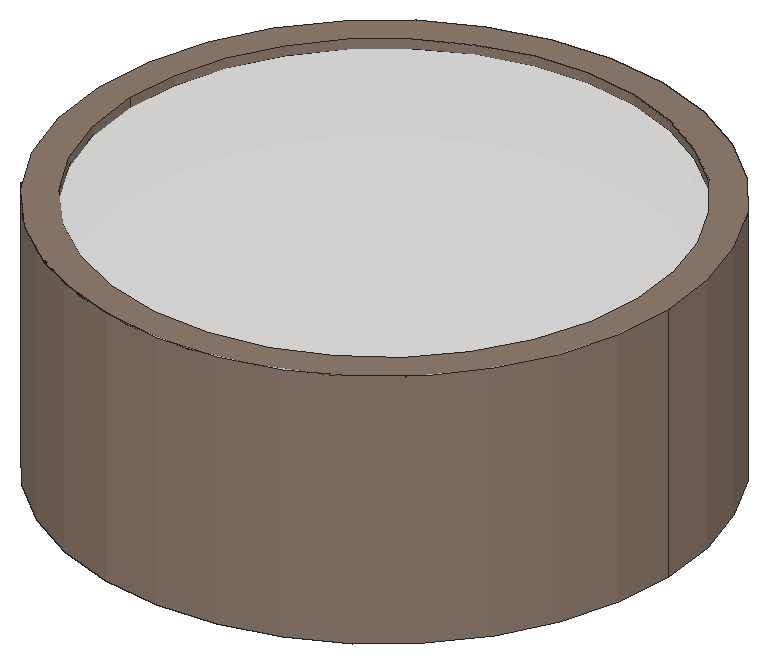
Revit family "3-600-xx  37-600-xx - Peepers (Ceiling - Wall Mount)", category Lighting Fixtures, host Face, Revit 2018
Family settings
  Host = Face
  Round Connector Dimension = Use Diameter
  Part Type = Normal
  Cut with Voids When Loaded = No
  Light Source = Yes
  Shared = No
  Room Calculation Point = No
Parameters (values of type "3-600-22 / 37-600-22 - Peepers")
  Wattage Comments = "10.20 W at 120 V"  # constant formula
  Wattage = 10.2 W
  built-in parameter 1150110 = 1 (stored number, unit not read)
  Voltage Input [instance] = "120 V or 277 V 50/60Hz"  # constant formula
  URL = "www.oxygenlighting.com"
  built-in parameter 1114217 = 1 (stored number, unit not read)
  Tilt Angle = 90.00°
  built-in parameter 1150109 = 1 (stored number, unit not read)
  built-in parameter 1150134 = (empty or 0)
  built-in parameter 1150113 = 1 (stored number, unit not read)
  Photometric Web File = "3-600-24 Peepers.ies"
  Other = none
  References [instance] = "Ref. 3 = 120V / Ref. 37 = 277 V"  # constant formula
  Model = "3-600-xx / 37-600-xx - Peepers"  # constant formula
  Metal Finish = 22- Oiled Bronze
  Manufacturer = "Oxygen Lighting"  # constant formula
  built-in parameter 1150105 = 36.12 (stored number, unit not read)
  Lumens = 453.9 lm
  built-in parameter 1150115 = 1 (stored number, unit not read)
  built-in parameter 1150137 = (empty or 0)
  built-in parameter 1150139 = (empty or 0)
  built-in parameter 1150112 = 1 (stored number, unit not read)
  built-in parameter 1150114 = 1 (stored number, unit not read)
  Lamp = "LED Array"  # constant formula
  built-in parameter 1150132 = (empty or 0)
  built-in parameter 1150102 = (empty or 0)
  built-in parameter 1150107 = 3000 (stored number, unit not read)
  built-in parameter 1150138 = (empty or 0)
  built-in parameter 1150106 = 0.3612 (stored number, unit not read)
  Emit from Circle Diameter = 3.00"
  Emit Shape Visible in Rendering = no
  built-in parameter 1150104 = 4.1342 (stored number, unit not read)
  Dimming Lamp Color Temperature Shift = <None>
  Diffuser = Matte White Acrylic
  Default Elevation = 0.00"
  Color Filter = 16777215
  built-in parameter 1114218 = 1 (stored number, unit not read)
  built-in parameter 1150133 = 10 (stored number, unit not read)
Types (4): name | Metal Finish
  (no name) | 22- Oiled Bronze
  3-600-22 / 37-600-22 - Peepers | 22- Oiled Bronze
  3-600-24 / 37-600-24 - Peepers | 24 - Satin Nickel
  3-600-40 / 37-600-40 - Peepers | 40 - Aged Brass
Reference planes (in)
  plane 1 "Center (Front/Back)": y = 0
  plane 2: z = 0
  plane 3 "Center (Left/Right)": x = 0
Dimensions and locks (in)
  aligned and locked: plane 2 to host face
  aligned and locked: level to host face
Nested families (in)
  nested 1: "3-600 Peepers" at (0, 0, 0), type "3-600 Peepers"
Definition of nested family "3-600 Peepers"
  Parameters (values of type "3-600 Peepers")
    Others 2 = none
    Others 1 = none
    Metal Finish = none
    Main Diffuser = none
    2nd Diffuser = none
  Reference planes (in)
    plane 1 "Center (Front/Back)": y = 0
    plane 2: z = 0
    plane 3 "Center (Left/Right)": x = 0
    plane 4: y = 0
  Forms (in)
    Extrusion 1, solid, material <- "Metal Finish"
      sketch origin (0, 0, 0) x (1, 0, 0) y (0, 1, 0)
        loop
          circle (0, 0) r 2.375
      from 0 to 2
    Extrusion 2, solid, material <- "Main Diffuser"
      sketch origin (0, 0, 0) x (1, 0, 0) y (0, 1, 0)
        loop
          circle (0, 0) r 2.125
      from 1.78572 to 1.92772
    Extrusion 3, void
      sketch origin (0, 0, 0) x (1, 0, 0) y (0, 1, 0)
        loop
          circle (0, 0) r 2.125
      from 2.52362 to 1.2925
  Cuts and joins
    Extrusion 3 cuts Extrusion 1
  Lines and regions (in)
    model lines
      curve 1: line (-4, 0, 0) -> (4, 0, 0)
      curve 2: line (0, -4, 0) -> (0, 4, 0)
    symbolic lines
      curve 3: circle (0, 0, 0) r 2 normal (0, 0, 1)
    model lines, not visible
      curve 4: line (-13.0722, 21.77075, 0) -> (-5.0722, 21.77075, 0)
      curve 5: line (-9.0722, 17.77075, 0) -> (-9.0722, 25.77075, 0)
    symbolic lines, not visible
      curve 6: circle (-9.0722, 21.77075, 0) r 2 normal (0, 0, 1)
  Text (in)
    text "M.C." at (0.88973, 1.62995, 0), in view "Ref. Level"
    text "M.C." at (-8.18247, 23.4007, 0), in view "Ref. Level", not visible
  Dimensions and locks (in)
    radius of Extrusion 1 sketch curve = 2.375"
    aligned and locked: plane 2 to level
